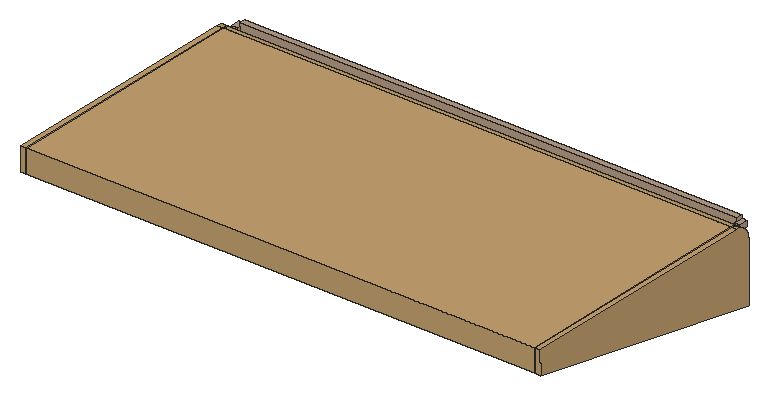
Revit family "FJU-LivingDivani", category Furniture, Revit 2013
Parameters (values of type "Orizontale")
  URL = "http://www.livingdivani.it"
  Posizione Verticale = not(Posizione Orizzontale)  # no
  Posizione Orizzontale = yes
  Model = "FJU"
  Mat. Struttura = Wood
  Manufacturer = "Living Divani"
  Description = ""
  Codice prodotto = "FJUS090"
Types (3, lengths in cm): name | Posizione Verticale | Posizione Orizzontale
  (no name) | no | yes
  Orizontale | no | yes
  Verticale | yes | no
Reference planes (cm)
  plane 1 "Centro (Fronte/Retro)": y = 0
  plane 2: z = 0
  plane 3 "Centro (Sinistra/Destra)": x = 0
  plane 4: x = 110
  plane 5: x = -110
Forms (cm)
  Extrusion 1, solid, material "Linen, White", not visible
    sketch origin (0, 0, 0) x (1, 0, 0) y (0, 0, 1)
      loop
        line (-85, 18) -> (-85, 29.1823)
        arc (-85, 29.1823) -> (-80.169, 48.2596) -> (-84.4597, 67.4656) r 42.4528
        arc (-84.4597, 67.4656) -> (-85.5057, 68.8949) -> (-86.9843, 69.8699) r 5
        arc (-86.9843, 69.8699) -> (-93.3299, 70.9774) -> (-99.4999, 69.1268) r 14.0026
        arc (-99.4999, 69.1268) -> (-99.866, 68.7608) -> (-100, 68.2607) r 1
        line (-100, 68.2607) -> (-100, 18) -> (-85, 18)
    from -55 to 28.969
  Extrusion 2, void, not visible
    sketch origin (0, 0, 0) x (1, 0, 0) y (0, 1, 0)
      loop
        line (-78.5519, 33.5519) -> (-78.5519, 56.4969) -> (-100, 56.4969) -> (-100, 55) -> (-78.5519, 33.5519)
    from 0 to 88.2421
  Extrusion 3, solid, material "Linen, White", not visible
    sketch origin (0, 0, 0) x (-1, 0, 0) y (0, 0, -1)
      loop
        line (-85, -18) -> (-100, -18) -> (-100, -68.2607)
        arc (-100, -68.2607) -> (-99.866, -68.7608) -> (-99.4999, -69.1268) r 1
        arc (-99.4999, -69.1268) -> (-93.3299, -70.9774) -> (-86.9843, -69.8699) r 14.0026
        arc (-86.9843, -69.8699) -> (-85.5057, -68.8949) -> (-84.4597, -67.4656) r 5
        arc (-84.4597, -67.4656) -> (-80.169, -48.2596) -> (-85, -29.1823) r 42.4528
        line (-85, -29.1823) -> (-85, -18)
    from -55 to 28.969
  Extrusion 4, void, not visible
    sketch origin (0, 0, 0) x (-1, 0, 0) y (0, -1, 0)
      loop
        line (-78.5519, -33.5519) -> (-100, -55) -> (-100, -56.4969) -> (-78.5519, -56.4969) -> (-78.5519, -33.5519)
    from 0 to 88.2421
  Extrusion 5, solid, material "Wood" <- "Mat. Struttura", visible <- "Posizione Verticale", not visible
    sketch origin (-45, 0, 0) x (0, 1, 0) y (0, 0, 1)
      loop
        line (-3.5, 81.1034) -> (-46, 81.1034) -> (-46, 77.1034) -> (-1, 68.1034) -> (-1, 78.6034)
        arc (-1, 78.6034) -> (-1.7322, 80.3712) -> (-3.5, 81.1034) r 2.5
    from 0 to 1
  Extrusion 6, solid, material "Wood" <- "Mat. Struttura", visible <- "Posizione Verticale", not visible
    sketch origin (45, 0, 0) x (0, 1, 0) y (0, 0, -1)
      loop
        arc (-3.5, -81.1034) -> (-1.7322, -80.3712) -> (-1, -78.6034) r 2.5
        line (-1, -78.6034) -> (-1, -68.1034) -> (-46, -77.1034) -> (-46, -81.1034) -> (-3.5, -81.1034)
    from 0 to 1
  Extrusion 7, solid, material "Wood" <- "Mat. Struttura", visible <- "Posizione Verticale", not visible
    sketch origin (0, 0, 0) x (0, 1, 0) y (0, 0, 1)
      loop
        line (-1, 68.1034) -> (-1, 78.6034)
        arc (-1, 78.6034) -> (-1.7322, 80.3712) -> (-3.5, 81.1034) r 2.5
        line (-3.5, 81.1034) -> (-46, 81.1034) -> (-46, 77.1034) -> (-45.5, 77.0034) -> (-45.5, 80.6034) -> (-3.5, 80.6034)
        arc (-3.5, 80.6034) -> (-2.0858, 80.0176) -> (-1.5, 78.6034) r 2
        line (-1.5, 78.6034) -> (-1.5, 68.2034) -> (-1, 68.1034)
    from -44 to 44
  Extrusion 8, solid, material "Wood" <- "Mat. Struttura", visible <- "Posizione Verticale", not visible
    sketch origin (0, 78.6034, 81.6034) x (0, 0, 1) y (0, -1, 0)
      loop
        line (-13.4, 80.1034) -> (-12.9, 80.1034) -> (-8.9777, 99.715) -> (-9.4777, 99.715) -> (-13.4, 80.1034)
    from -44 to 44
  Extrusion 9, solid, material "Wood" <- "Mat. Struttura", visible <- "Posizione Verticale", not visible
    sketch origin (0, 78.6034, 84.6034) x (0, 0, 1) y (0, -1, 0)
      loop
        line (-13.4, 80.1034) -> (-12.9, 80.1034) -> (-7.8875, 105.1661) -> (-8.3875, 105.1661) -> (-13.4, 80.1034)
    from -44 to 44
  Extrusion 10, solid, material "Wood" <- "Mat. Struttura", visible <- "Posizione Orizzontale", not visible
    sketch origin (-45, 0, 0) x (0, 1, 0) y (0, 0, 1)
      loop
        line (-3.5, 81.1034) -> (-46, 81.1034) -> (-46, 77.1034) -> (-1, 68.1034) -> (-1, 78.6034)
        arc (-1, 78.6034) -> (-1.7322, 80.3712) -> (-3.5, 81.1034) r 2.5
    from 0 to 1
  Extrusion 11, solid, material "Wood" <- "Mat. Struttura", visible <- "Posizione Orizzontale", not visible
    sketch origin (45, 0, 0) x (0, 1, 0) y (0, 0, -1)
      loop
        arc (-3.5, -81.1034) -> (-1.7322, -80.3712) -> (-1, -78.6034) r 2.5
        line (-1, -78.6034) -> (-1, -68.1034) -> (-46, -77.1034) -> (-46, -81.1034) -> (-3.5, -81.1034)
    from 0 to 1
  Extrusion 12, solid, material "Wood" <- "Mat. Struttura", visible <- "Posizione Orizzontale", not visible
    sketch origin (0, 0, 0) x (0, 1, 0) y (0, 0, 1)
      loop
        line (-1, 68.1034) -> (-1, 78.6034)
        arc (-1, 78.6034) -> (-1.7322, 80.3712) -> (-3.5, 81.1034) r 2.5
        line (-3.5, 81.1034) -> (-46, 81.1034) -> (-46, 77.1034) -> (-45.5, 77.0034) -> (-45.5, 80.6034) -> (-3.5, 80.6034)
        arc (-3.5, 80.6034) -> (-2.0858, 80.0176) -> (-1.5, 78.6034) r 2
        line (-1.5, 78.6034) -> (-1.5, 68.2034) -> (-1, 68.1034)
    from -44 to 44
  Extrusion 13, solid, material "Wood" <- "Mat. Struttura", visible <- "Posizione Orizzontale", not visible
    sketch origin (0, 78.6034, 81.6034) x (0, 0, 1) y (0, -1, 0)
      loop
        line (-13.4, 80.1034) -> (-12.9, 80.1034) -> (-8.9777, 99.715) -> (-9.4777, 99.715) -> (-13.4, 80.1034)
    from -44 to 44
  Extrusion 14, solid, material "Wood" <- "Mat. Struttura", visible <- "Posizione Orizzontale", not visible
    sketch origin (0, 78.6034, 84.6034) x (0, 0, 1) y (0, -1, 0)
      loop
        line (-13.4, 80.1034) -> (-12.9, 80.1034) -> (-7.8875, 105.1661) -> (-8.3875, 105.1661) -> (-13.4, 80.1034)
    from -44 to 44
  Extrusion 15, solid, material "Wood" <- "Mat. Struttura", visible <- "Posizione Orizzontale"
    sketch origin (-45, 0, -1.1034) x (0, 1, 0) y (0, 0, 1)
      loop
        line (-3.5, 81.1034) -> (-46, 81.1034) -> (-46, 77.1034) -> (-1, 68.1034) -> (-1, 78.6034)
        arc (-1, 78.6034) -> (-1.7322, 80.3712) -> (-3.5, 81.1034) r 2.5
    from 0 to 1
  Extrusion 16, solid, material "Wood" <- "Mat. Struttura", visible <- "Posizione Orizzontale"
    sketch origin (45, 0, -1.1034) x (0, 1, 0) y (0, 0, -1)
      loop
        arc (-3.5, -81.1034) -> (-1.7322, -80.3712) -> (-1, -78.6034) r 2.5
        line (-1, -78.6034) -> (-1, -68.1034) -> (-46, -77.1034) -> (-46, -81.1034) -> (-3.5, -81.1034)
    from 0 to 1
  Extrusion 17, solid, material "Wood" <- "Mat. Struttura", visible <- "Posizione Orizzontale"
    sketch origin (0, 0, -1.1034) x (0, 1, 0) y (0, 0, 1)
      loop
        line (-1, 68.1034) -> (-1, 78.6034)
        arc (-1, 78.6034) -> (-1.7322, 80.3712) -> (-3.5, 81.1034) r 2.5
        line (-3.5, 81.1034) -> (-46, 81.1034) -> (-46, 77.1034) -> (-45.5, 77.0034) -> (-45.5, 80.6034) -> (-3.5, 80.6034)
        arc (-3.5, 80.6034) -> (-2.0858, 80.0176) -> (-1.5, 78.6034) r 2
        line (-1.5, 78.6034) -> (-1.5, 68.2034) -> (-1, 68.1034)
    from -44 to 44
  Extrusion 18, solid, material "Wood" <- "Mat. Struttura", visible <- "Posizione Orizzontale"
    sketch origin (0, 78.6034, 80.5) x (0, 0, 1) y (0, -1, 0)
      loop
        line (-13.4, 80.1034) -> (-12.9, 80.1034) -> (-8.9777, 99.715) -> (-9.4777, 99.715) -> (-13.4, 80.1034)
    from -44 to 44
  Extrusion 19, solid, material "Wood" <- "Mat. Struttura", visible <- "Posizione Orizzontale"
    sketch origin (0, 78.6034, 83.5) x (0, 0, 1) y (0, -1, 0)
      loop
        line (-13.4, 80.1034) -> (-12.9, 80.1034) -> (-7.8875, 105.1661) -> (-8.3875, 105.1661) -> (-13.4, 80.1034)
    from -44 to 44
  Extrusion 20, solid, material "Wood" <- "Mat. Struttura", visible <- "Posizione Verticale"
    sketch origin (-45, -81.6034, 78) x (0, 0, -1) y (0, 1, 0)
      loop
        line (-3.5, 81.1034) -> (-46, 81.1034) -> (-46, 77.1034) -> (-1, 68.1034) -> (-1, 78.6034)
        arc (-1, 78.6034) -> (-1.7322, 80.3712) -> (-3.5, 81.1034) r 2.5
    from 0 to 1
  Extrusion 21, solid, material "Wood" <- "Mat. Struttura", visible <- "Posizione Verticale"
    sketch origin (45, -81.6034, 78) x (0, 0, -1) y (0, -1, 0)
      loop
        arc (-3.5, -81.1034) -> (-1.7322, -80.3712) -> (-1, -78.6034) r 2.5
        line (-1, -78.6034) -> (-1, -68.1034) -> (-46, -77.1034) -> (-46, -81.1034) -> (-3.5, -81.1034)
    from 0 to 1
  Extrusion 22, solid, material "Wood" <- "Mat. Struttura", visible <- "Posizione Verticale"
    sketch origin (0, -81.6034, 78) x (0, 0, -1) y (0, 1, 0)
      loop
        line (-1, 68.1034) -> (-1, 78.6034)
        arc (-1, 78.6034) -> (-1.7322, 80.3712) -> (-3.5, 81.1034) r 2.5
        line (-3.5, 81.1034) -> (-46, 81.1034) -> (-46, 77.1034) -> (-45.5, 77.0034) -> (-45.5, 80.6034) -> (-3.5, 80.6034)
        arc (-3.5, 80.6034) -> (-2.0858, 80.0176) -> (-1.5, 78.6034) r 2
        line (-1.5, 78.6034) -> (-1.5, 68.2034) -> (-1, 68.1034)
    from -44 to 44
  Extrusion 23, solid, material "Wood" <- "Mat. Struttura", visible <- "Posizione Verticale"
    sketch origin (0, 0, -0.6034) x (0, 1, 0) y (0, 0, 1)
      loop
        line (-13.4, 80.1034) -> (-12.9, 80.1034) -> (-8.9777, 99.715) -> (-9.4777, 99.715) -> (-13.4, 80.1034)
    from -44 to 44
  Extrusion 24, solid, material "Wood" <- "Mat. Struttura", visible <- "Posizione Verticale"
    sketch origin (0, 3, -0.6034) x (0, 1, 0) y (0, 0, 1)
      loop
        line (-13.4, 80.1034) -> (-12.9, 80.1034) -> (-7.8875, 105.1661) -> (-8.3875, 105.1661) -> (-13.4, 80.1034)
    from -44 to 44
  Extrusion 25, solid, material "Wood Shake"
    sketch origin (44, 0, -0.5) x (0, 1, 0) y (0, 0, -1)
      loop
        line (0, -80) -> (0, -79) -> (-1.5, -79) -> (-1.5, -80) -> (0, -80)
    from 0 to 1
  Extrusion 26, solid, material "Wood Shake"
    sketch origin (0, 0, 5.2197) x (1, 0, 0) y (0, 1, 0)
      loop
        line (-43, 0) -> (-43, -1) -> (43, -1) -> (43, 0) -> (-43, 0)
    from 73.2803 to 74.7803
  Extrusion 27, solid, material "Wood Shake"
    sketch origin (-44, 0, -0.5) x (0, 1, 0) y (0, 0, 1)
      loop
        line (0, 80) -> (-1.5, 80) -> (-1.5, 79) -> (0, 79) -> (0, 80)
    from 0 to 1
Lines and regions (cm)
  model lines, not visible
    curve 1: arc (142.5, 40, 40.4063) -> (142.5, -7.7258, 44.8408) -> (142.5, -55.6482, 43.9108) r 427.9768
    curve 2: arc (142.5, -55.6482, 43.9108) -> (142.5, -56.9941, 43.3917) -> (142.5, -57.8292, 42.2153) r 2.5
    curve 3: arc (142.5, -57.8292, 42.2153) -> (142.5, -58.6593, 36.9132) -> (142.5, -57.6808, 31.6365) r 15.9229
    curve 4: arc (142.5, -57.6808, 31.6365) -> (142.5, -56.765, 30.4495) -> (142.5, -55.3347, 30) r 2.5
    curve 5: line (350.8333, 40.8327, 61.8833) -> (350.8333, 44.8452, 76.858)
    curve 6: arc (350.8333, 19.2897, 45.6161) -> (350.8333, 23.0144, 61.3242) -> (350.8333, 28.8022, 76.3947) r 120.6881
    curve 7: line (350.8333, 42.4245, 80.0128) -> (350.8333, 34.5369, 80.0128)
    curve 8: arc (350.8333, 42.4245, 80.0128) -> (350.8333, 44.4127, 79.0323) -> (350.8333, 44.8452, 76.858) r 2.5061
    curve 9: arc (350.8333, 34.5369, 80.0128) -> (350.8333, 31.1465, 79.0327) -> (350.8333, 28.8022, 76.3947) r 6.3538
    curve 10: arc (350.8333, 21.3758, 42.8725) -> (350.8333, 19.7398, 43.7934) -> (350.8333, 19.2897, 45.6161) r 2.3659
    curve 11: arc (457.5, -41.1808, 29.528) -> (457.5, -40.2346, 28.4157) -> (457.5, -38.8347, 28) r 2.5652
    curve 12: arc (457.5, -41.3292, 42.2606) -> (457.5, -42.5488, 35.8792) -> (457.5, -41.1808, 29.528) r 16.3119
    curve 13: arc (457.5, -39.1482, 43.8503) -> (457.5, -40.4656, 43.3667) -> (457.5, -41.3292, 42.2606) r 2.5564
    curve 14: arc (457.5, 34.91, 41.2077) -> (457.5, -2.0467, 44.5571) -> (457.5, -39.1482, 43.8503) r 339.2674
    curve 15: arc (643.4167, 44.0083, 75.2794) -> (643.4167, 37.8383, 77.13) -> (643.4167, 31.4927, 76.0225) r 14.0026
    curve 16: arc (643.4167, 31.4927, 76.0225) -> (643.4167, 30.0141, 75.0475) -> (643.4167, 28.9681, 73.6182) r 5
    curve 17: arc (643.4167, 44.5084, 74.4133) -> (643.4167, 44.3744, 74.9134) -> (643.4167, 44.0083, 75.2794) r 1
    curve 18: line (643.4167, 44.5084, 24.1526) -> (643.4167, 44.5084, 74.4133)
    curve 19: arc (15, 39.4597, 67.4656) -> (15, 35.169, 48.2596) -> (15, 40, 29.1823) r 42.4528
    curve 20: arc (15, 41.9843, 69.8699) -> (15, 40.5057, 68.8949) -> (15, 39.4597, 67.4656) r 5
    curve 21: line (15, 55, 18) -> (15, 55, 68.2607)
    curve 22: arc (15, 55, 68.2607) -> (15, 54.866, 68.7608) -> (15, 54.4999, 69.1268) r 1
    curve 23: arc (15, 54.4999, 69.1268) -> (15, 48.3299, 70.9774) -> (15, 41.9843, 69.8699) r 14.0026
    curve 24: arc (0, -28.969, 37.1636) -> (0, -30.2309, 36.4485) -> (0, -30.8835, 35.1531) r 2.5
    curve 25: arc (0, 39.8911, 33.442) -> (0, 5.6044, 37.9554) -> (0, -28.969, 37.1636) r 225.0994
    curve 26: arc (0, -30.8835, 35.1531) -> (0, -31.5326, 27.5955) -> (0, -30.8835, 20.0379) r 44.3218
    curve 27: arc (0, -30.8835, 35.1531) -> (0, -31.5326, 27.5955) -> (0, -30.8835, 20.0379) r 44.3218
    curve 28: arc (91.6667, 39.8911, 38.442) -> (91.6667, 5.6044, 42.9554) -> (91.6667, -28.969, 42.1636) r 225.0994
    curve 29: arc (91.6667, -28.969, 42.1636) -> (91.6667, -30.2309, 41.4485) -> (91.6667, -30.8835, 40.1531) r 2.5
    curve 30: arc (91.6667, -30.8835, 40.1531) -> (91.6667, -31.5326, 32.5955) -> (91.6667, -30.8835, 25.0379) r 44.3218
    curve 31: arc (91.6667, -30.8835, 25.0379) -> (91.6667, -30.0394, 23.5895) -> (91.6667, -28.4701, 23) r 2.5
    curve 32: arc (643.4167, 29.3984, 39.5948) -> (643.4167, 25.1951, 57.0411) -> (643.4167, 29.3984, 74.4873) r 38.3075
    curve 33: arc (0, 54.4376, 69.1638) -> (0, 48.2677, 71.0144) -> (0, 41.9221, 69.9069) r 14.0026
    curve 34: arc (0, 41.9221, 69.9069) -> (0, 40.4434, 68.9319) -> (0, 39.3974, 67.5026) r 5
    curve 35: arc (0, 54.9377, 68.2977) -> (0, 54.8037, 68.7978) -> (0, 54.4376, 69.1638) r 1
    curve 36: line (0, 54.9377, 18.037) -> (0, 54.9377, 68.2977)
    curve 37: arc (0, 39.89, 33.4422) -> (0, 35.6867, 50.8419) -> (0, 39.8477, 68.2517) r 38.3075
Dimensions and locks (cm)
  aligned and locked: level to plane 2
  aligned and locked: Extrusion 17 to Extrusion 15
  aligned and locked: Extrusion 17 to Extrusion 16
  aligned and locked: Extrusion 22 to Extrusion 20
  aligned and locked: Extrusion 22 to Extrusion 21
  aligned and locked: Extrusion 22 to Extrusion 17
  aligned and locked: Extrusion 26 to Extrusion 25
